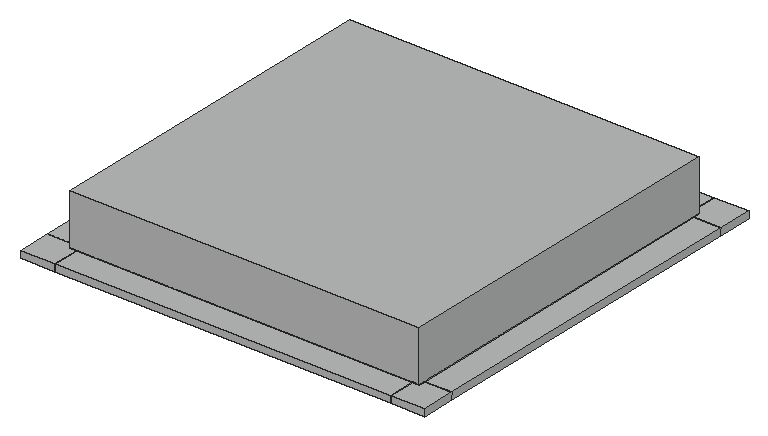
Revit family "ALUMOGIPS", category Осветительные приборы, Revit 2019 (continued)
Types (72, lengths in mm): name | Файл фотометрической сетки | built-in parameter 1150105 | Lumens | built-in parameter 1150106 | built-in parameter 1150142 | Wattage | Emit from Rectangle Width | Emit from Rectangle Length | Длина | Материал светильника | Ширина | ADSK_Ток | ADSK_Полная мощность | ADSK_Обозначение | ADSK_Номинальная мощность | ADSK_Наименование | ADSK_Масса | ADSK_Код изделия
  Alumogips-38/opal-sand 595х595 (IP40, 4000К, белый) | "Светильник ALUMOGIPS-38 OPAL-SAND-(595x595).IES" | 302.39 (stored number, unit not read) | 3800 lm | 3.0239 (stored number, unit not read) | "IESNA:LM-63-95\r\n[TEST] Протокол № 50-12 \r\n[DATA] 20.06.2016\r\n[MORE] \r\n[MANUFAC] ЗАО \"Центрстройсвет\"\r\n[LUMCAT]  Светильник ALUMOGIPS-38/OPAL-SAND-(595x595)\r\n[LUMINAIRE]\r\n[LAMPCAT] Светодиоды\r\n[LAMP] Поток источника света (светодиодов) не известен\r\n[MORE] КСС приведена в абсолютных величинах кд\r\n[MORE] Вместо потока лампы, указан поток светильника.\r\nTILT=NONE\r\n1    3750 1.0 37 73 1 2 0.595 0.595 0.04\r\n1.0 1.0 38.7\r\n0.0 5.0 10.0 15.0 20.0 25.0 30.0 35.0 40.0 45.0 50.0 55.0 60.0 65.0 70.0 75.0 80.0 85.0 90.0 95.0 100.0 105.0 110.0 115.0 120.0 125.0 130.0 135.0 140.0 145.0 150.0 155.0 160.0 165.0 170.0 175.0 180.0\r\n0.0 5.0 10.0 15.0 20.0 25.0 30.0 35.0 40.0 45.0 50.0 55.0 60.0 65.0 70.0 75.0 80.0 85.0 90.0 95.0 100.0 105.0 110.0 115.0 120.0 125.0 130.0 135.0 140.0 145.0 150.0 155.0 160.0 165.0 170.0 175.0 180.0 185.0 190.0 195.0 200.0 205.0 210.0 215.0 220.0 225.0 230.0 235.0 240.0 245.0 250.0 255.0 260.0 265.0 270.0 275.0 280.0 285.0 290.0 295.0 300.0 305.0 310.0 315.0 320.0 325.0 330.0 335.0 340.0 345.0 350.0 355.0 360.0\r\n1391.4 1390.6 1365.7 1330.6 1277.5 1214.9 1147.5 1059.6 967.6 873.2 772.4 664.9 556.3 449.1 342.7 240.6 147.1 64.2 4.7 0.0 0.0 0.0 0.0 0.0 0.0 0.0 0.0 0.0 0.0 0.0 0.0 0.0 0.0 0.0 0.0 0.0 0.0\r\n1391.4 1390.5 1367.8 1332.7 1284.3 1221.3 1147.0 1062.1 969.2 872.4 773.2 666.3 557.1 450.1 343.8 241.9 146.9 64.7 5.2 0.0 0.0 0.0 0.0 0.0 0.0 0.0 0.0 0.0 0.0 0.0 0.0 0.0 0.0 0.0 0.0 0.0 0.0\r\n1391.4 1390.2 1372.0 1333.3 1277.3 1216.8 1144.5 1057.4 969.6 875.1 773.8 669.5 560.0 454.6 345.8 242.4 148.5 65.8 5.4 0.0 0.0 0.0 0.0 0.0 0.0 0.0 0.0 0.0 0.0 0.0 0.0 0.0 0.0 0.0 0.0 0.0 0.0\r\n1391.4 1389.8 1371.2 1330.7 1279.5 1220.5 1148.3 1059.9 967.7 873.2 767.5 666.8 561.4 453.0 347.1 243.7 149.9 65.6 5.8 0.0 0.0 0.0 0.0 0.0 0.0 0.0 0.0 0.0 0.0 0.0 0.0 0.0 0.0 0.0 0.0 0.0 0.0\r\n1391.4 1389.8 1368.3 1329.3 1285.0 1214.6 1141.1 1058.7 971.8 871.3 775.2 666.9 559.4 452.6 345.8 242.5 150.0 65.8 6.1 0.0 0.0 0.0 0.0 0.0 0.0 0.0 0.0 0.0 0.0 0.0 0.0 0.0 0.0 0.0 0.0 0.0 0.0\r\n1391.4 1390.5 1367.3 1332.3 1281.7 1219.0 1142.8 1064.6 970.5 874.4 772.1 667.5 560.2 453.0 346.2 241.8 149.4 65.7 5.6 0.0 0.0 0.0 0.0 0.0 0.0 0.0 0.0 0.0 0.0 0.0 0.0 0.0 0.0 0.0 0.0 0.0 0.0\r\n1391.4 1391.4 1368.1 1333.5 1277.3 1215.7 1139.0 1059.6 968.1 872.4 771.6 667.4 558.8 453.3 344.3 243.9 148.4 65.7 5.4 0.0 0.0 0.0 0.0 0.0 0.0 0.0 0.0 0.0 0.0 0.0 0.0 0.0 0.0 0.0 0.0 0.0 0.0\r\n1391.4 1391.7 1368.1 1330.4 1278.2 1213.9 1142.4 1061.6 967.4 875.1 772.0 669.3 561.1 452.5 345.2 242.1 148.3 65.4 5.5 0.0 0.0 0.0 0.0 0.0 0.0 0.0 0.0 0.0 0.0 0.0 0.0 0.0 0.0 0.0 0.0 0.0 0.0\r\n1391.4 1391.5 1371.0 1328.4 1278.5 1216.7 1142.1 1061.2 971.8 874.7 772.1 668.9 560.8 452.9 345.4 243.3 147.7 66.0 5.4 0.0 0.0 0.0 0.0 0.0 0.0 0.0 0.0 0.0 0.0 0.0 0.0 0.0 0.0 0.0 0.0 0.0 0.0\r\n1391.4 1391.5 1373.2 1330.5 1277.3 1215.5 1143.2 1063.6 967.0 872.7 772.2 669.4 558.9 453.2 346.6 241.9 148.1 65.2 5.5 0.0 0.0 0.0 0.0 0.0 0.0 0.0 0.0 0.0 0.0 0.0 0.0 0.0 0.0 0.0 0.0 0.0 0.0\r\n1391.4 1391.4 1369.7 1328.3 1281.3 1216.0 1139.8 1057.9 968.7 875.3 773.9 667.6 561.8 454.0 344.0 243.1 147.2 65.6 5.5 0.0 0.0 0.0 0.0 0.0 0.0 0.0 0.0 0.0 0.0 0.0 0.0 0.0 0.0 0.0 0.0 0.0 0.0\r\n1391.4 1390.5 1367.9 1330.1 1278.1 1218.1 1138.9 1061.0 970.0 871.8 770.4 669.3 560.2 453.4 346.9 242.1 148.3 65.2 5.2 0.0 0.0 0.0 0.0 0.0 0.0 0.0 0.0 0.0 0.0 0.0 0.0 0.0 0.0 0.0 0.0 0.0 0.0\r\n1391.4 1389.3 1368.2 1329.1 1280.8 1214.4 1142.5 1059.2 967.2 874.3 772.4 668.0 563.1 452.3 345.7 242.8 146.8 64.9 5.1 0.0 0.0 0.0 0.0 0.0 0.0 0.0 0.0 0.0 0.0 0.0 0.0 0.0 0.0 0.0 0.0 0.0 0.0\r\n1391.4 1388.6 1367.4 1327.8 1278.0 1215.7 1141.0 1061.0 971.5 877.3 771.2 667.3 561.5 453.0 346.4 242.4 146.3 64.8 5.2 0.0 0.0 0.0 0.0 0.0 0.0 0.0 0.0 0.0 0.0 0.0 0.0 0.0 0.0 0.0 0.0 0.0 0.0\r\n1391.4 1388.0 1367.6 1326.7 1278.3 1218.0 1140.9 1061.5 968.4 873.4 770.1 666.6 562.1 454.6 344.8 241.8 146.4 64.0 5.5 0.0 0.0 0.0 0.0 0.0 0.0 0.0 0.0 0.0 0.0 0.0 0.0 0.0 0.0 0.0 0.0 0.0 0.0\r\n1391.4 1387.2 1366.1 1331.0 1281.4 1216.3 1142.7 1059.1 969.4 871.5 772.2 667.3 560.5 453.0 344.4 242.2 146.4 63.8 5.6 0.0 0.0 0.0 0.0 0.0 0.0 0.0 0.0 0.0 0.0 0.0 0.0 0.0 0.0 0.0 0.0 0.0 0.0\r\n1391.4 1387.1 1366.3 1328.7 1276.9 1214.5 1141.2 1059.3 968.4 874.3 775.5 668.3 562.5 454.9 346.4 241.3 146.2 63.5 5.7 0.0 0.0 0.0 0.0 0.0 0.0 0.0 0.0 0.0 0.0 0.0 0.0 0.0 0.0 0.0 0.0 0.0 0.0\r\n1391.4 1388.4 1366.0 1329.7 1279.2 1217.9 1140.0 1060.5 969.0 873.9 772.0 671.3 560.4 453.2 343.7 241.7 145.8 63.7 5.4 0.0 0.0 0.0 0.0 0.0 0.0 0.0 0.0 0.0 0.0 0.0 0.0 0.0 0.0 0.0 0.0 0.0 0.0\r\n1391.4 1389.6 1367.7 1329.3 1277.2 1211.1 1140.1 1061.0 971.0 871.2 769.2 669.1 561.5 453.1 343.3 241.9 145.8 63.4 5.2 0.0 0.0 0.0 0.0 0.0 0.0 0.0 0.0 0.0 0.0 0.0 0.0 0.0 0.0 0.0 0.0 0.0 0.0\r\n1391.4 1388.8 1366.9 1327.1 1279.4 1214.2 1142.5 1056.4 970.7 870.3 771.0 665.1 560.4 453.3 343.8 241.1 145.7 63.4 5.2 0.0 0.0 0.0 0.0 0.0 0.0 0.0 0.0 0.0 0.0 0.0 0.0 0.0 0.0 0.0 0.0 0.0 0.0\r\n1391.4 1387.2 1365.8 1328.9 1276.6 1210.2 1141.4 1059.3 966.6 871.4 770.5 667.4 559.2 451.4 344.2 241.0 145.6 63.2 5.1 0.0 0.0 0.0 0.0 0.0 0.0 0.0 0.0 0.0 0.0 0.0 0.0 0.0 0.0 0.0 0.0 0.0 0.0\r\n1391.4 1386.8 1364.4 1329.8 1279.4 1213.7 1144.0 1059.0 965.3 873.7 768.8 668.9 559.4 449.5 342.6 241.5 144.6 63.4 5.0 0.0 0.0 0.0 0.0 0.0 0.0 0.0 0.0 0.0 0.0 0.0 0.0 0.0 0.0 0.0 0.0 0.0 0.0\r\n1391.4 1388.1 1365.8 1328.1 1273.8 1213.4 1137.9 1059.2 967.3 869.2 769.3 667.7 558.4 451.4 344.0 240.6 145.7 63.4 4.9 0.0 0.0 0.0 0.0 0.0 0.0 0.0 0.0 0.0 0.0 0.0 0.0 0.0 0.0 0.0 0.0 0.0 0.0\r\n1391.4 1389.2 1364.4 1323.2 1276.3 1213.8 1137.6 1055.3 963.1 871.0 767.7 664.1 559.7 447.1 342.4 240.1 145.2 63.9 5.1 0.0 0.0 0.0 0.0 0.0 0.0 0.0 0.0 0.0 0.0 0.0 0.0 0.0 0.0 0.0 0.0 0.0 0.0\r\n1391.4 1388.4 1362.3 1326.8 1274.4 1212.2 1137.9 1054.7 966.7 867.9 768.7 663.4 557.3 449.2 343.3 240.0 145.7 63.6 5.0 0.0 0.0 0.0 0.0 0.0 0.0 0.0 0.0 0.0 0.0 0.0 0.0 0.0 0.0 0.0 0.0 0.0 0.0\r\n1391.4 1386.2 1361.8 1326.5 1273.3 1211.2 1134.5 1048.6 964.3 866.3 767.8 662.9 556.7 449.5 341.9 239.8 145.7 63.7 5.0 0.0 0.0 0.0 0.0 0.0 0.0 0.0 0.0 0.0 0.0 0.0 0.0 0.0 0.0 0.0 0.0 0.0 0.0\r\n1391.4 1384.4 1363.5 1324.4 1272.0 1209.5 1137.2 1053.0 960.2 867.5 767.9 662.7 556.7 449.2 342.5 239.1 146.2 63.8 4.8 0.0 0.0 0.0 0.0 0.0 0.0 0.0 0.0 0.0 0.0 0.0 0.0 0.0 0.0 0.0 0.0 0.0 0.0\r\n1391.4 1383.7 1362.4 1324.4 1274.0 1209.5 1134.4 1050.1 965.4 864.9 764.6 662.3 556.6 447.9 340.5 240.3 145.5 64.6 4.6 0.0 0.0 0.0 0.0 0.0 0.0 0.0 0.0 0.0 0.0 0.0 0.0 0.0 0.0 0.0 0.0 0.0 0.0\r\n1391.4 1384.4 1361.9 1326.9 1270.2 1207.3 1132.7 1050.1 959.7 867.7 763.1 662.2 555.0 447.3 343.0 238.3 145.8 63.9 4.7 0.0 0.0 0.0 0.0 0.0 0.0 0.0 0.0 0.0 0.0 0.0 0.0 0.0 0.0 0.0 0.0 0.0 0.0\r\n1391.4 1385.1 1363.0 1320.0 1270.4 1207.9 1134.4 1055.0 963.5 867.3 766.7 660.7 555.9 450.1 342.6 240.2 145.9 64.3 4.9 0.0 0.0 0.0 0.0 0.0 0.0 0.0 0.0 0.0 0.0 0.0 0.0 0.0 0.0 0.0 0.0 0.0 0.0\r\n1391.4 1384.9 1362.3 1321.4 1273.1 1208.0 1135.4 1052.3 961.9 865.0 764.0 660.8 553.5 447.6 341.2 240.3 146.1 63.8 4.8 0.0 0.0 0.0 0.0 0.0 0.0 0.0 0.0 0.0 0.0 0.0 0.0 0.0 0.0 0.0 0.0 0.0 0.0\r\n1391.4 1383.8 1361.2 1322.1 1265.1 1211.5 1132.8 1049.3 961.3 863.4 764.0 661.0 550.7 447.9 341.0 240.1 146.2 63.8 4.6 0.0 0.0 0.0 0.0 0.0 0.0 0.0 0.0 0.0 0.0 0.0 0.0 0.0 0.0 0.0 0.0 0.0 0.0\r\n1391.4 1382.8 1359.3 1321.5 1269.3 1206.8 1132.8 1051.1 958.3 863.2 763.1 662.7 553.4 448.0 340.4 240.0 145.8 63.8 4.0 0.0 0.0 0.0 0.0 0.0 0.0 0.0 0.0 0.0 0.0 0.0 0.0 0.0 0.0 0.0 0.0 0.0 0.0\r\n1391.4 1382.6 1359.0 1319.6 1268.1 1204.3 1129.8 1049.0 957.7 861.8 761.7 658.4 554.2 446.1 340.4 239.0 145.6 63.8 3.8 0.0 0.0 0.0 0.0 0.0 0.0 0.0 0.0 0.0 0.0 0.0 0.0 0.0 0.0 0.0 0.0 0.0 0.0\r\n1391.4 1382.8 1358.5 1315.8 1266.5 1202.1 1128.5 1049.2 957.6 860.0 762.1 658.2 549.9 443.8 339.6 238.4 145.7 63.6 3.7 0.0 0.0 0.0 0.0 0.0 0.0 0.0 0.0 0.0 0.0 0.0 0.0 0.0 0.0 0.0 0.0 0.0 0.0\r\n1391.4 1382.2 1360.5 1319.2 1265.9 1204.5 1129.9 1046.9 955.0 862.9 758.9 657.9 552.5 444.9 338.9 238.8 145.3 63.6 3.3 0.0 0.0 0.0 0.0 0.0 0.0 0.0 0.0 0.0 0.0 0.0 0.0 0.0 0.0 0.0 0.0 0.0 0.0\r\n1391.4 1381.1 1361.2 1321.0 1268.1 1203.8 1128.8 1047.4 955.6 863.7 761.1 656.4 551.5 445.2 339.2 238.5 144.7 62.5 3.5 0.0 0.0 0.0 0.0 0.0 0.0 0.0 0.0 0.0 0.0 0.0 0.0 0.0 0.0 0.0 0.0 0.0 0.0\r\n1391.4 1380.6 1359.0 1316.4 1268.5 1204.0 1126.1 1049.5 956.2 859.6 759.7 656.5 549.2 444.3 338.4 236.1 143.8 61.6 3.2 0.0 0.0 0.0 0.0 0.0 0.0 0.0 0.0 0.0 0.0 0.0 0.0 0.0 0.0 0.0 0.0 0.0 0.0\r\n1391.4 1380.7 1356.6 1316.0 1267.0 1205.6 1130.3 1044.8 956.9 856.7 759.3 653.5 548.1 441.9 335.3 235.4 141.4 60.3 2.9 0.0 0.0 0.0 0.0 0.0 0.0 0.0 0.0 0.0 0.0 0.0 0.0 0.0 0.0 0.0 0.0 0.0 0.0\r\n1391.4 1380.4 1354.4 1317.9 1268.8 1199.0 1129.0 1044.0 956.9 860.6 758.3 656.9 549.1 442.0 334.4 236.1 141.7 60.5 2.6 0.0 0.0 0.0 0.0 0.0 0.0 0.0 0.0 0.0 0.0 0.0 0.0 0.0 0.0 0.0 0.0 0.0 0.0\r\n1391.4 1380.1 1356.7 1322.1 1264.6 1201.7 1129.9 1047.4 957.2 859.7 758.2 656.1 549.4 442.8 335.3 235.8 141.3 60.6 2.3 0.0 0.0 0.0 0.0 0.0 0.0 0.0 0.0 0.0 0.0 0.0 0.0 0.0 0.0 0.0 0.0 0.0 0.0\r\n1391.4 1379.9 1357.3 1317.5 1265.9 1207.8 1129.2 1046.5 955.7 860.2 758.6 656.9 550.7 441.9 335.4 233.9 140.6 60.2 2.4 0.0 0.0 0.0 0.0 0.0 0.0 0.0 0.0 0.0 0.0 0.0 0.0 0.0 0.0 0.0 0.0 0.0 0.0\r\n1391.4 1379.2 1355.5 1314.6 1269.3 1203.7 1133.5 1044.8 957.2 857.9 762.0 656.6 548.7 440.4 335.9 234.5 140.4 59.8 2.8 0.0 0.0 0.0 0.0 0.0 0.0 0.0 0.0 0.0 0.0 0.0 0.0 0.0 0.0 0.0 0.0 0.0 0.0\r\n1391.4 1377.9 1357.1 1319.2 1271.9 1204.4 1128.6 1050.2 953.1 856.9 757.6 653.7 548.9 439.9 335.4 232.4 140.5 59.2 3.0 0.0 0.0 0.0 0.0 0.0 0.0 0.0 0.0 0.0 0.0 0.0 0.0 0.0 0.0 0.0 0.0 0.0 0.0\r\n1391.4 1377.2 1356.3 1322.9 1266.0 1204.8 1132.2 1049.0 958.1 859.3 759.0 654.6 547.0 441.6 334.9 232.1 139.3 58.8 2.9 0.0 0.0 0.0 0.0 0.0 0.0 0.0 0.0 0.0 0.0 0.0 0.0 0.0 0.0 0.0 0.0 0.0 0.0\r\n1391.4 1377.8 1353.8 1319.7 1269.6 1207.9 1135.8 1049.5 955.8 858.0 762.4 655.9 548.2 441.6 335.6 231.7 139.4 58.8 2.8 0.0 0.0 0.0 0.0 0.0 0.0 0.0 0.0 0.0 0.0 0.0 0.0 0.0 0.0 0.0 0.0 0.0 0.0\r\n1391.4 1378.5 1355.2 1319.8 1267.3 1206.5 1131.2 1046.1 954.6 861.2 756.6 653.8 548.1 440.3 335.0 232.6 138.6 59.0 2.9 0.0 0.0 0.0 0.0 0.0 0.0 0.0 0.0 0.0 0.0 0.0 0.0 0.0 0.0 0.0 0.0 0.0 0.0\r\n1391.4 1378.6 1355.1 1318.3 1269.7 1200.8 1133.1 1049.0 957.6 862.5 762.4 656.9 549.3 443.5 334.7 231.2 138.8 58.1 3.0 0.0 0.0 0.0 0.0 0.0 0.0 0.0 0.0 0.0 0.0 0.0 0.0 0.0 0.0 0.0 0.0 0.0 0.0\r\n1391.4 1378.8 1355.8 1321.7 1268.8 1210.0 1129.0 1048.5 958.8 862.4 762.2 656.4 549.0 441.1 335.4 231.5 138.5 58.1 3.0 0.0 0.0 0.0 0.0 0.0 0.0 0.0 0.0 0.0 0.0 0.0 0.0 0.0 0.0 0.0 0.0 0.0 0.0\r\n1391.4 1379.6 1357.6 1321.7 1269.0 1207.1 1133.9 1047.0 964.1 863.3 761.9 656.4 551.5 440.7 334.9 232.2 137.6 58.1 2.8 0.0 0.0 0.0 0.0 0.0 0.0 0.0 0.0 0.0 0.0 0.0 0.0 0.0 0.0 0.0 0.0 0.0 0.0\r\n1391.4 1380.6 1357.7 1319.2 1272.0 1207.5 1131.3 1054.6 959.0 863.3 764.8 655.9 549.1 443.0 335.1 231.3 138.0 58.1 2.7 0.0 0.0 0.0 0.0 0.0 0.0 0.0 0.0 0.0 0.0 0.0 0.0 0.0 0.0 0.0 0.0 0.0 0.0\r\n1391.4 1381.5 1358.5 1321.9 1271.0 1204.1 1135.9 1055.8 962.5 865.5 761.1 656.9 550.6 442.0 335.3 231.9 137.4 57.9 2.6 0.0 0.0 0.0 0.0 0.0 0.0 0.0 0.0 0.0 0.0 0.0 0.0 0.0 0.0 0.0 0.0 0.0 0.0\r\n1391.4 1381.3 1358.5 1322.3 1270.8 1207.2 1133.7 1051.9 958.0 867.3 767.5 657.0 552.1 442.3 333.6 231.2 137.9 57.8 2.6 0.0 0.0 0.0 0.0 0.0 0.0 0.0 0.0 0.0 0.0 0.0 0.0 0.0 0.0 0.0 0.0 0.0 0.0\r\n1391.4 1380.6 1359.4 1319.7 1270.6 1209.0 1133.0 1052.1 963.9 867.5 764.1 660.0 554.0 443.3 334.8 231.7 137.6 57.8 2.7 0.0 0.0 0.0 0.0 0.0 0.0 0.0 0.0 0.0 0.0 0.0 0.0 0.0 0.0 0.0 0.0 0.0 0.0\r\n1391.4 1381.3 1359.9 1321.3 1270.6 1204.8 1135.0 1051.3 962.1 865.5 761.7 660.3 553.1 443.5 334.1 231.9 137.9 57.8 2.8 0.0 0.0 0.0 0.0 0.0 0.0 0.0 0.0 0.0 0.0 0.0 0.0 0.0 0.0 0.0 0.0 0.0 0.0\r\n1391.4 1383.1 1362.1 1324.8 1273.8 1208.7 1134.8 1055.9 961.8 866.4 762.3 659.7 552.4 443.7 334.4 232.8 138.0 58.0 2.8 0.0 0.0 0.0 0.0 0.0 0.0 0.0 0.0 0.0 0.0 0.0 0.0 0.0 0.0 0.0 0.0 0.0 0.0\r\n1391.4 1384.6 1360.4 1321.7 1272.0 1210.6 1130.9 1052.5 963.1 866.7 767.4 659.3 553.7 444.6 335.4 233.1 138.3 58.0 2.8 0.0 0.0 0.0 0.0 0.0 0.0 0.0 0.0 0.0 0.0 0.0 0.0 0.0 0.0 0.0 0.0 0.0 0.0\r\n1391.4 1385.6 1357.5 1324.7 1273.9 1211.6 1134.3 1052.7 963.6 865.4 763.1 658.7 552.2 444.9 336.9 232.8 138.8 58.6 2.9 0.0 0.0 0.0 0.0 0.0 0.0 0.0 0.0 0.0 0.0 0.0 0.0 0.0 0.0 0.0 0.0 0.0 0.0\r\n1391.4 1386.4 1357.8 1323.4 1273.2 1212.2 1136.3 1054.7 967.5 867.5 764.0 659.4 553.3 443.7 336.8 233.2 138.9 58.5 3.1 0.0 0.0 0.0 0.0 0.0 0.0 0.0 0.0 0.0 0.0 0.0 0.0 0.0 0.0 0.0 0.0 0.0 0.0\r\n1391.4 1386.6 1362.0 1324.9 1273.2 1211.3 1139.0 1049.9 960.3 866.4 768.0 661.3 552.2 443.4 336.3 233.4 139.8 58.9 3.1 0.0 0.0 0.0 0.0 0.0 0.0 0.0 0.0 0.0 0.0 0.0 0.0 0.0 0.0 0.0 0.0 0.0 0.0\r\n1391.4 1386.0 1360.5 1326.0 1271.8 1212.0 1137.2 1059.3 963.5 867.6 766.9 661.2 552.3 445.8 337.8 233.6 141.0 59.2 3.3 0.0 0.0 0.0 0.0 0.0 0.0 0.0 0.0 0.0 0.0 0.0 0.0 0.0 0.0 0.0 0.0 0.0 0.0\r\n1391.4 1385.0 1362.3 1325.1 1272.0 1207.1 1138.5 1053.6 964.5 865.8 766.5 661.6 554.3 445.9 337.0 234.5 140.4 60.2 3.5 0.0 0.0 0.0 0.0 0.0 0.0 0.0 0.0 0.0 0.0 0.0 0.0 0.0 0.0 0.0 0.0 0.0 0.0\r\n1391.4 1384.4 1361.8 1323.6 1274.0 1214.8 1138.9 1053.9 968.0 867.9 769.0 663.8 555.6 446.7 339.6 235.0 141.3 60.4 3.4 0.0 0.0 0.0 0.0 0.0 0.0 0.0 0.0 0.0 0.0 0.0 0.0 0.0 0.0 0.0 0.0 0.0 0.0\r\n1391.4 1385.0 1360.9 1322.2 1272.4 1209.8 1137.2 1055.7 962.7 869.7 769.6 658.2 556.6 447.4 338.5 236.2 142.5 60.7 3.4 0.0 0.0 0.0 0.0 0.0 0.0 0.0 0.0 0.0 0.0 0.0 0.0 0.0 0.0 0.0 0.0 0.0 0.0\r\n1391.4 1386.6 1363.1 1323.6 1272.5 1211.5 1139.2 1058.4 969.9 868.0 768.8 664.6 556.3 445.8 342.1 236.1 142.3 61.2 3.5 0.0 0.0 0.0 0.0 0.0 0.0 0.0 0.0 0.0 0.0 0.0 0.0 0.0 0.0 0.0 0.0 0.0 0.0\r\n1391.4 1388.6 1360.9 1330.2 1273.7 1213.2 1138.7 1058.3 966.2 867.0 766.8 663.4 553.3 447.1 339.2 238.7 143.0 61.4 3.8 0.0 0.0 0.0 0.0 0.0 0.0 0.0 0.0 0.0 0.0 0.0 0.0 0.0 0.0 0.0 0.0 0.0 0.0\r\n1391.4 1389.8 1360.8 1328.4 1276.8 1216.0 1140.1 1055.8 963.1 870.3 768.4 663.1 554.0 449.1 340.1 237.3 144.8 61.7 3.8 0.0 0.0 0.0 0.0 0.0 0.0 0.0 0.0 0.0 0.0 0.0 0.0 0.0 0.0 0.0 0.0 0.0 0.0\r\n1391.4 1389.3 1362.5 1325.9 1278.0 1210.4 1138.2 1054.7 967.8 872.7 770.2 661.9 556.5 446.9 341.3 237.7 144.4 62.5 3.9 0.0 0.0 0.0 0.0 0.0 0.0 0.0 0.0 0.0 0.0 0.0 0.0 0.0 0.0 0.0 0.0 0.0 0.0\r\n1391.4 1387.8 1365.8 1326.6 1274.3 1213.2 1141.4 1053.1 966.2 871.2 768.4 663.7 555.0 447.1 341.3 238.2 144.3 62.7 4.1 0.0 0.0 0.0 0.0 0.0 0.0 0.0 0.0 0.0 0.0 0.0 0.0 0.0 0.0 0.0 0.0 0.0 0.0\r\n1391.4 1387.2 1364.2 1328.3 1274.8 1209.4 1145.0 1060.0 963.9 867.5 766.5 663.4 556.7 448.2 340.9 240.3 144.7 63.3 4.0 0.0 0.0 0.0 0.0 0.0 0.0 0.0 0.0 0.0 0.0 0.0 0.0 0.0 0.0 0.0 0.0 0.0 0.0\r\n1391.4 1388.4 1364.9 1332.6 1279.0 1215.6 1140.9 1056.3 969.3 867.1 770.0 663.8 559.0 449.0 342.4 240.3 145.7 63.3 4.7 0.0 0.0 0.0 0.0 0.0 0.0 0.0 0.0 0.0 0.0 0.0 0.0 0.0 0.0 0.0 0.0 0.0 0.0\r\n1391.4 1390.0 1364.5 1329.3 1281.4 1217.7 1141.3 1063.3 970.3 871.1 768.8 663.5 555.2 449.3 342.4 239.8 146.6 63.3 4.9 0.0 0.0 0.0 0.0 0.0 0.0 0.0 0.0 0.0 0.0 0.0 0.0 0.0 0.0 0.0 0.0 0.0 0.0\r\n1391.4 1390.6 1365.7 1330.6 1277.5 1214.9 1147.5 1059.6 967.6 873.2 772.4 664.9 556.3 449.1 342.7 240.6 147.1 64.2 4.7 0.0 0.0 0.0 0.0 0.0 0.0 0.0 0.0 0.0 0.0 0.0 0.0 0.0 0.0 0.0 0.0 0.0 0.0\r\n" | 25.582 W | 575 | 575 | 595 | RAL 9001 | 595 | 0.179584 A | 41.3043 VA | "Alumogips-38/opal-sand 595х595 (IP40, 4000К, белый)" | 38 W | "Встраиваемый светодиодный светильник Alumogips-38/opal-sand 595х595 (IP40, 4000К, белый)" | 2.4 | "ЦБ000007355"
